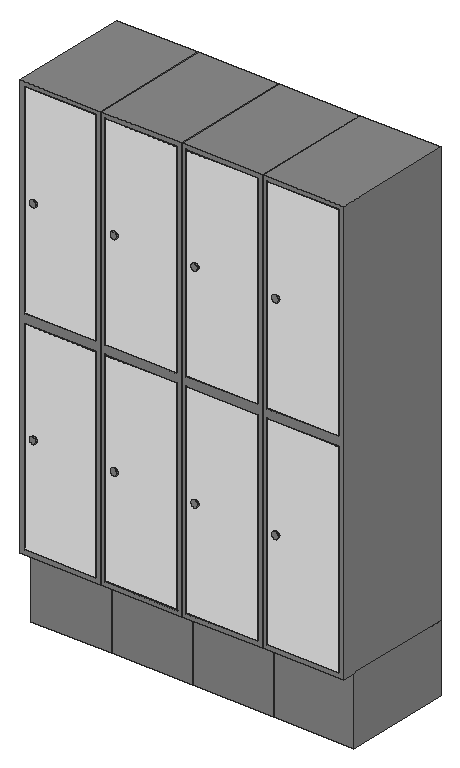
Revit family
Parameters
  Plinth Setback = 50 mm
  Plinth Height = 250 mm
  No of Lockers [instance] = 4
  Material Lockers = Paint - Grey
  Material Doors = Paint - White
  Lockers Depth = 450 mm
  Locker Width = 300 mm
  Locker Height = 1575 mm
Reference planes
  plane 1 "Center (Front/Back)": y = 0
  plane 2: z = 0
  plane 3 "Center (Left/Right)": x = 0
Dimensions and locks
  equal spacing: group 1, group 2, group 3, group 4  (x3)
  equal spacing: nested 1, plane 3 "Center (Left/Right)", nested 1
  locked: nested 1 to nested 2 at 0
Nested families
  nested 1: "Uk_Lockers x 2" at (154.179, -600, 0), type "Uk_Lockers x 2"
    with Locker Height 1575 mm
  nested 2: "Uk_Lockers x 2" at (454.179, -600, 0), type "Uk_Lockers x 2"
    with Locker Height 1575 mm
  nested 3: "Uk_Lockers x 2" at (754.179, -600, 0), type "Uk_Lockers x 2"
    with Locker Height 1575 mm
  nested 4: "Uk_Lockers x 2" at (1054.179, -600, 0), type "Uk_Lockers x 2"
    with Locker Height 1575 mm
Definition of nested family "Uk_Lockers x 2"
  Parameters
    Width = 300 mm
    Vis Ironmongery = yes
    Plinth Setback = 50 mm
    Plinth Height = 250 mm
    Material Plinth = Paint - Grey
    Material Locker = Paint - Grey
    Material Door = Paint - White
    Locker Height = 1775 mm
    Depth = 450 mm
  Reference planes
    plane 1 "Center (Front/Back)": y = 150
    plane 2: z = 0
    plane 3 "Center (Left/Right)": x = -154.179
    plane 4: y = 600
    plane 5: x = -304.179
    plane 6: x = -4.179
    plane 7: z = 250
    plane 8: z = 2025
    plane 9: z = 2010
    plane 10: z = 265
    plane 11: x = -289.179
    plane 12: x = -19.179
    plane 13: z = 1152.5
    plane 14: z = 1137.5
    plane 15: z = 1122.5
    plane 16: x = -44.179
    plane 17: x = -94.179
  Forms (mm)
    Extrusion 1, solid, material "Paint - Grey" <- "Material Plinth"
      sketch origin (0, 0, 0) x (1, 0, 0) y (0, 1, 0)
        loop
          line (-304.179, 600) -> (-304.179, 200) -> (-4.179, 200) -> (-4.179, 600) -> (-304.179, 600)
      from 0 to 250
    Extrusion 2, solid, material "Paint - Grey" <- "Material Locker"
      sketch origin (-154.179, 0, 0) x (0, 1, 0) y (0, 0, 1)
        loop
          line (150, 2025) -> (150, 250) -> (600, 250) -> (600, 2025) -> (150, 2025)
      from -150 to 150
    Extrusion 3, void
      sketch origin (-4.179, 150, 2025) x (1, 0, 0) y (0, 0, -1)
        loop
          line (-285, 1760) -> (-285, 902.5) -> (-15, 902.5) -> (-15, 1760) -> (-285, 1760)
        loop
          line (-285, 872.5) -> (-285, 15) -> (-15, 15) -> (-15, 872.5) -> (-285, 872.5)
      from 0 to 435
    Extrusion 4, solid, material "Paint - White" <- "Material Door"
      sketch origin (-4.179, 150, 2025) x (-1, 0, 0) y (0, 0, -1)
        loop
          line (282, 18) -> (282, 869.5) -> (18, 869.5) -> (18, 18) -> (282, 18)
        loop
          line (282, 905.5) -> (282, 1757) -> (18, 1757) -> (18, 905.5) -> (282, 905.5)
      from -15 to 0
    Extrusion 5, solid, material "Paint - Grey", visible <- "Vis Ironmongery"
      sketch origin (0, 150, 0) x (1, 0, 0) y (0, 0, 1)
        loop
          circle (-254.555, 1581.25) r 12.5
        loop
          circle (-254.555, 693.75) r 12.5
      from 0 to 3
  Cuts and joins
    Extrusion 3 cuts Extrusion 1
    Extrusion 3 cuts Extrusion 2
  Lines and regions (mm)
    model lines, style "InvisibleLines"
      curve 1: line (-154.179, 150, 2025) -> (-154.179, 600, 2025)
  Dimensions and locks
    equal spacing: plane 5, plane 3 "Center (Left/Right)", plane 6
    "Width": plane 5 to plane 6
    "Depth": plane 1 "Center (Front/Back)" to plane 4
    "Locker Height": plane 8 to plane 7
    "Plinth Height": plane 7 to level
    locked: plane 8 to plane 9 at 15
    locked: plane 10 to plane 7 at 15
    locked: plane 5 to plane 11 at 15
    locked: plane 12 to plane 6 at 15
    equal spacing: plane 8, plane 14, plane 7
    equal spacing: plane 13, plane 14, plane 15, locked at 15 each
    locked: plane 11 to Extrusion 5 sketch curve at 34.624
    equal spacing: plane 8, Extrusion 5 sketch curve, plane 14
    plane 11 to Extrusion 5 sketch curve = 34.624 mm
    equal spacing: plane 14, Extrusion 5 sketch curve, plane 7
    locked: Extrusion 5 to plane 1 "Center (Front/Back)" at 3
    "Plinth Setback": plane 1 "Center (Front/Back)" to cut or joined group of Extrusion 1, Extrusion 3
    locked: plane 13 to plane 15 at 30
    aligned and locked: Extrusion 1 to plane 7
    aligned and locked: Extrusion 1 to level
    aligned and locked: Extrusion 2 sketch curve to curve 1
    aligned and locked: plane 5 to Extrusion 2
    aligned and locked: Extrusion 2 to plane 6
    aligned and locked: plane 13 to Extrusion 3 sketch curve
  Automatic sketch dimensions
    Extrusion 1 sketch curve to plane 1 "Center (Front/Back)" = 50 mm
    Extrusion 1 sketch curve to plane 5 = 0 mm
    Extrusion 1 sketch curve to plane 6 = 0 mm
    Extrusion 1 sketch curve to plane 4 = 0 mm
    curve 1 to plane 1 "Center (Front/Back)" = 0 mm
    curve 1 to plane 4 = 0 mm
    curve 1 to plane 8 = 0 mm
    Extrusion 2 sketch curve to plane 1 "Center (Front/Back)" = 0 mm
    Extrusion 2 sketch curve to plane 4 = 0 mm
    Extrusion 2 sketch curve to plane 7 = 0 mm
    Extrusion 3 sketch curve to plane 10 = 0 mm
    Extrusion 3 sketch curve to plane 11 = 0 mm  (x2)
    Extrusion 3 sketch curve to plane 12 = 0 mm  (x2)
    Extrusion 3 sketch curve to plane 9 = 0 mm
    Extrusion 3 sketch curve to plane 15 = 0 mm
    Extrusion 4 sketch curve to plane 12 = 3 mm  (x2)
    Extrusion 4 sketch curve to plane 11 = 3 mm  (x2)
    plane 9 to Extrusion 4 sketch curve = 3 mm
    plane 15 to Extrusion 4 sketch curve = 3 mm
    Extrusion 4 sketch curve to plane 10 = 3 mm
    Extrusion 4 sketch curve to Extrusion 4 sketch curve = 36 mm
    radius of Extrusion 5 sketch curve = 12.5 mm  (x2)
